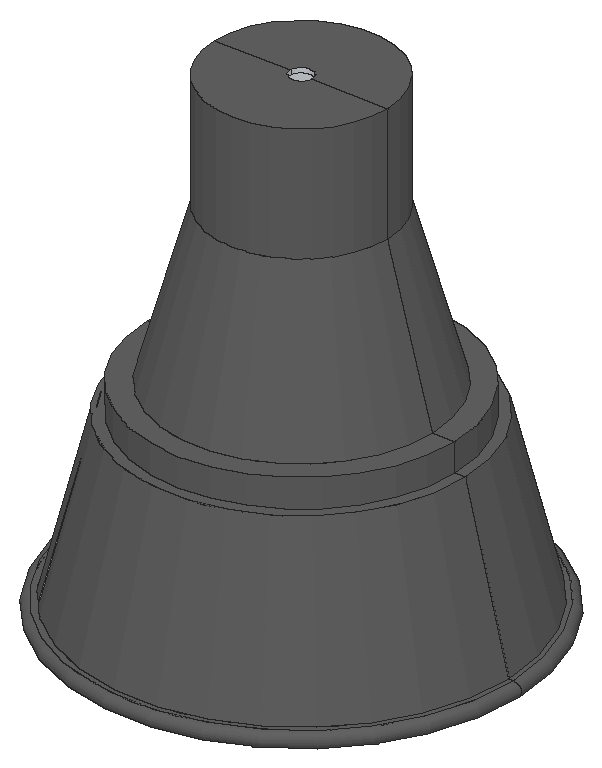
Revit family "UR10 SHADE", category Lighting Fixtures, Revit 2024
Family settings
  Round Connector Dimension = Use Diameter
  Part Type = Normal
  OmniClass Number = 23.80.70.00
  OmniClass Title = Lighting
  Work Plane-Based = No
  Always vertical = Yes
  Cut with Voids When Loaded = No
  Light Source = Yes
  Maintain Annotation Orientation = No
  Shared = No
  Room Calculation Point = No
Parameters
  Wattage = 12.1178 W
  built-in parameter 1150110 = 1 (stored number, unit not read)
  built-in parameter 1114217 = 1 (stored number, unit not read)
  built-in parameter 1150109 = 1 (stored number, unit not read)
  built-in parameter 1150134 = (empty or 0)
  built-in parameter 1150113 = 1 (stored number, unit not read)
  Lumens = 1800 lm
  built-in parameter 1150115 = 1 (stored number, unit not read)
  built-in parameter 1150105 = 572.96 (stored number, unit not read)
  Light Source Symbol Size = 2' - 0"
  built-in parameter 1150137 = (empty or 0)
  built-in parameter 1150139 = (empty or 0)
  built-in parameter 1150112 = 1 (stored number, unit not read)
  built-in parameter 1150114 = 1 (stored number, unit not read)
  built-in parameter 1150132 = 2
  built-in parameter 1150102 = (empty or 0)
  built-in parameter 1150138 = (empty or 0)
  built-in parameter 1150107 = 3000 (stored number, unit not read)
  built-in parameter 1150106 = 5.7296 (stored number, unit not read)
  built-in parameter 1150104 = 13.8 (stored number, unit not read)
  Dimming Lamp Color Temperature Shift = (empty or 0)
  Default Elevation = 0' - 0"
  Color Filter = 16777215
  built-in parameter 1114218 = 1 (stored number, unit not read)
  built-in parameter 1150133 = 10 (stored number, unit not read)
Reference planes (in)
  plane 1 "Light Source Axis (F/B)": y = 0
  plane 2: z = 0
  plane 3 "Light Source Axis (L/R)": x = 0
  plane 4 "Light Source Elevation": z = 54
Forms (in)
  Revolve 1, solid
    sketch origin (0, 0, 0) x (1, 0, 0) y (0, 0, 1)
      loop
        line (-1.97, 65) -> (-1.97, 62.35) -> (-3, 58.75) -> (-3.5, 58.75) -> (-3.5, 58.11) -> (-3.75, 58.11) -> (-4.71195, 54.34159) -> (-4.82921, 54.34159)
        arc (-4.82921, 54.34159) -> (-4.96401, 54.06592) -> (-4.66366, 54.12879) r 0.17079
        line (-4.66366, 54.12879) -> (-3.67717, 58.01625) -> (-3.40625, 58.01625) -> (-3.40625, 58.65625) -> (-2.92931, 58.65625) -> (-1.87625, 62.33685) -> (-1.87625, 64.90625) -> (-0.25, 64.90625) -> (-0.25, 65) -> (-1.97, 65)
      axis (0, 65) -> (0, 54.12879)
    angle from 0 to 360
Dimensions and locks (in)
  aligned and locked: plane 3 "Light Source Axis (L/R)" to imposter light
  aligned and locked: plane 1 "Light Source Axis (F/B)" to imposter light
  aligned and locked: plane 4 "Light Source Elevation" to imposter light
  aligned and locked: level to plane 2
